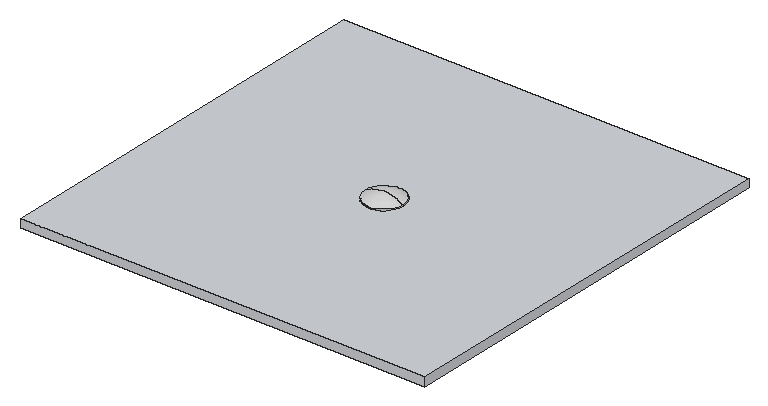
Revit family "Speaker-Ceiling-TOA-F-2352 QA2", category Communication Devices, host Face, Revit 2013
Parameters (values of type "5"")
  Width = Grille Diameter  # 9.055"
  Weight Product = 8.16
  Voltage [instance] = 70 V
  URL = "http://www.toaelectronics.com"
  Type Comments = "F-2352C"
  Transformer Option = no
  Sensitivity = 90
  SPL Measurement Bandwidth = "70 to 20k Hz"
  Regulatory Compliance = "UL"
  Product Page URL = "http://www.toaelectronics.com/products/PA-Speakers/ceiling-speakers/f-series-ceiling-speakers/f-2352sc"
  Product Name = "F-2352C"
  Product Documentation Link = "http://www.toaelectronics.com/media/f2352sc_sa1e.pdf"
  Power Factor [instance] = 0.9
  Mounting Options = "Ceiling Reinforcement Ring, Tile Bridge, Trim Ring, Surface Back-Can & Safety Wire"  # constant formula
  Model = Product Name  # "F-2352C"
  Maximum Ceiling Thickness = 1.457"  # constant formula
  Manufacturer URL = "http://www.toaelectronics.com"
  Long Term Power Handling = "120 W"
  Length 4 = 0.250"
  Length 3 = 0.050"
  Length 2 = 2.000"
  Length 1 = Grille Radius - 0.11811"  # 4.40939"
  IQ Category = "Speaker"
  Highlight Material = Paint - TOA - White
  Height = 9.016"
  Grille Radius = Grille Diameter / 2  # 4.5275"
  Operating Weight = 8.16 lbf
  Offset = 0.000"
  Number of Poles [instance] = 2
  Manufacturer = "TOA Electronics Inc."
  Load Classification = Other
  Grille Material = Mesh - TOA - White
  Grille Diameter = 9.055"
  Grille Height = 1.614"
  Description = "FULL-RANGE CEILING SPEAKER (5”)"
  Default Elevation = 48.000"
  Coverage Vertical = 170.00°
  Coverage Horizontal = 170.00°
  Clip Width = 0.300"
  Clip Length = 0.500"
  Body Radius = Body Diameter / 2  # 3.8385"
  Enclosure Material = Metal - TOA - Steel Plate
  Body Diameter = 7.677"
  Assembly Code = "E1020300"
  Apparent Load [instance] = 120 VA
  70V Taps = "30W, 15W, 5W, 1.5W & 0.5W"
  25V Taps = "3.7W, 1.9W, 0.6W, 0.2W & 0.06W"
  100V Taps = "30W, 10W, 3W & 1W"
Reference planes (in)
  plane 1 "Center (Front/Back)": y = 0
  plane 2: z = 0
  plane 3 "Center (Left/Right)": x = 0
  plane 4 "Left": x = -4.5275
  plane 5 "Right": x = 4.5275
  plane 6 "Front": y = -4.5275
  plane 7 "Back": y = 4.5275
  plane 8 "Bottom": z = 1.614
  plane 9 "body left": x = -3.8385
  plane 10 "body right": x = 3.8385
  plane 11 "body front": y = -3.8385
  plane 12 "body back": y = 3.8385
  plane 13 "plate top": z = 0
  plane 14 "body top": z = -7.152
  plane 15 "Speaker CL": x = 0
  plane 16 "support front inside": y = -5.395
  plane 17: x = 0
  plane 18: z = -0.7874
  plane 19 "2d bottom": z = 1.2203
  plane 20 "Top": z = -7.402
Forms (in)
  Extrusion 1, solid
    sketch origin (0, 0, 0) x (1, 0, 0) y (0, 1, 0)
      loop
        line (-48, 48) -> (-48, -48) -> (48, -48) -> (48, 48) -> (-48, 48)
    from 0 to -2
  Extrusion 2, void
    sketch origin (0, 0, -2) x (0, 1, 0) y (-1, 0, 0)
      loop
        circle (0, 0) r 3.8385
    from -6.202 to 3.614
  Revolve 3, solid, material "Paint - TOA - White" <- "Highlight Material"
    sketch origin (0, 0, 0) x (1, 0, 0) y (0, 0, 1)
      loop
        arc (0, 1.614) -> (-2.32829, 1.21024) -> (-4.48588, 0.24651) r 9.53844
        line (-4.48588, 0.24651) -> (-4.5275, 0) -> (0, 0) -> (0, 1.614)
      axis (0, 1.614) -> (0, 0)
    angle from 0 to 360
  Extrusion 4, solid, material "Metal - TOA - Steel Plate" <- "Enclosure Material"
    sketch origin (0, 0, 0) x (1, 0, 0) y (0, 1, 0)
      loop
        line (-2.91086, 0.61145) -> (-2.91086, -0.61145)
        arc (-2.91086, -0.61145) -> (-1.61086, -2.86311) -> (0.98914, -2.86311) r 2.6
        line (0.98914, -2.86311) -> (2.0482, -2.25167)
        arc (2.0482, -2.25167) -> (3.3482, 0) -> (2.0482, 2.25167) r 2.6
        line (2.0482, 2.25167) -> (0.98914, 2.86311)
        arc (0.98914, 2.86311) -> (-1.61086, 2.86311) -> (-2.91086, 0.61145) r 2.6
    from -7.152 to 0
  Extrusion 5, solid, material "Metal - TOA - Steel Plate" <- "Enclosure Material", detail levels medium+fine
    sketch origin (0, 0, 0) x (1, 0, 0) y (0, 1, 0)
      loop
        circle (0, 0) r 3.8385
    from 0 to -0.7874
  Sweep 6, void
    path in 3D
      loop
        arc (-2.91086, 0.61145, -7.152) -> (-1.61086, 2.86311, -7.152) -> (0.98914, 2.86311, -7.152) r 2.6
        line (0.98914, 2.86311, -7.152) -> (2.0482, 2.25167, -7.152)
        arc (2.0482, 2.25167, -7.152) -> (3.3482, 0, -7.152) -> (2.0482, -2.25167, -7.152) r 2.6
        line (2.0482, -2.25167, -7.152) -> (0.98914, -2.86311, -7.152)
        arc (0.98914, -2.86311, -7.152) -> (-1.61086, -2.86311, -7.152) -> (-2.91086, -0.61145, -7.152) r 2.6
        line (-2.91086, -0.61145, -7.152) -> (-2.91086, 0.61145, -7.152)
    profile origin (-2.91086, 0, -7.152) x (1, 0, 0) y (0, 0, -1)
      loop
        line (0, 0) -> (0, -0.5)
        arc (0, -0.5) -> (0.14645, -0.14645) -> (0.5, 0) r 0.5
        line (0.5, 0) -> (0, 0)
  Extrusion 7, solid, material "Metal - TOA - Steel Plate" <- "Enclosure Material", detail levels fine
    sketch origin (0, 0, -7.152) x (0.5, 0.866025, 0) y (0, 0, 1)
      loop
        line (1.95, 0) -> (1.95, -0.15)
        arc (1.95, -0.15) -> (1.93536, -0.18536) -> (1.9, -0.2) r 0.05
        line (1.9, -0.2) -> (1.7, -0.2) -> (1.7, -0.25) -> (1.9, -0.25)
        arc (1.9, -0.25) -> (1.97071, -0.22071) -> (2, -0.15) r 0.1
        line (2, -0.15) -> (2, 0) -> (1.95, 0)
    from -0.25 to 0.25
Cuts and joins
  Sweep 6 cuts Extrusion 4
Lines and regions (in)
  Masking region 1, detail levels medium+fine
    outline origin (0, 0, 1.514) x (-1, 0, 0) y (0, -1, 0)
      loop
        circle (0, 0) r 4.5275
  Masking region 2
    outline origin (0, 0, -7.152) x (-1, 0, 0) y (0, -1, 0)
      loop
        circle (0, 0) r 3.8385
  Masking region 3
    outline origin (0, 0, 0) x (1, 0, 0) y (0, 0, 1)
      loop
        line (-2.91086, 0) -> (-2.91086, -6.56145)
        arc (-2.91086, -6.56145) -> (-2.73789, -6.97903) -> (-2.32031, -7.152) r 0.59055
        line (-2.32031, -7.152) -> (2.66114, -7.152)
        arc (2.66114, -7.152) -> (3.07872, -6.97903) -> (3.25169, -6.56145) r 0.59055
        line (3.25169, -6.56145) -> (3.25169, 0) -> (4.5275, 0) -> (4.48588, 0.24651)
        arc (4.48588, 0.24651) -> (0, 1.65776) -> (-4.48588, 0.24651) r 7.83519
        line (-4.48588, 0.24651) -> (-4.5275, 0) -> (-2.91086, 0)
  Masking region 4
    outline origin (0, 0, 0) x (0, 1, 0) y (0, 0, 1)
      loop
        line (3.11559, 0) -> (4.5275, 0) -> (4.48588, 0.24651)
        arc (4.48588, 0.24651) -> (0, 1.65776) -> (-4.48588, 0.24651) r 7.83519
        line (-4.48588, 0.24651) -> (-4.5275, 0) -> (-3.12582, 0) -> (-3.12582, -6.56145)
        arc (-3.12582, -6.56145) -> (-2.95285, -6.97903) -> (-2.53527, -7.152) r 0.59055
        line (-2.53527, -7.152) -> (2.52503, -7.152)
        arc (2.52503, -7.152) -> (2.94262, -6.97903) -> (3.11559, -6.56145) r 0.59055
        line (3.11559, -6.56145) -> (3.11559, 0)
  Masking region 5, detail levels medium+fine
    outline origin (0, 0, 0) x (1, 0, 0) y (0, 0, 1)
      loop
        line (-3.8385, 0) -> (-3.8385, -0.7874) -> (3.8385, -0.7874) -> (3.8385, 0) -> (-3.8385, 0)
  Masking region 6, detail levels medium+fine
    outline origin (0, 0, 0) x (0, 1, 0) y (0, 0, 1)
      loop
        line (3.8385, 0) -> (-3.8385, 0) -> (-3.8385, -0.7874) -> (3.8385, -0.7874) -> (3.8385, 0)
  Masking region 7, detail levels medium+fine
    outline origin (0, 0, 1.2203) x (0, -1, 0) y (1, 0, 0)
      loop
        circle (0, 0) r 4.5275
  Masking region 8, detail levels fine
    outline origin (0, 0, 0) x (1, 0, 0) y (0, 0, 1)
      loop
        line (0.75849, -7.152) -> (0.75849, -7.352) -> (0.63349, -7.352) -> (0.63349, -7.402) -> (1.21651, -7.402) -> (1.21651, -7.152) -> (0.75849, -7.152)
  Masking region 9, detail levels fine
    outline origin (0, 0, 0) x (0, 1, 0) y (0, 0, 1)
      loop
        line (1.85705, -7.152) -> (1.56375, -7.152) -> (1.56375, -7.352) -> (1.34724, -7.352) -> (1.34724, -7.402) -> (1.85705, -7.402) -> (1.85705, -7.152)
  symbolic lines
    curve 1: line (-2.91086, 0, 0) -> (3.25169, 0, 0)
    curve 2: line (0, 3.11559, 0) -> (0, -3.12582, 0)
    curve 4: line (0, 1.27467, -7.152) -> (0, -1.47533, -7.152)
    curve 11: line (2.0482, 2.25167, -7.152) -> (0.98914, 2.86311, -7.152)
    curve 12: arc (0.98914, 2.86311, -7.152) -> (-1.61086, 2.86311, -7.152) -> (-2.91086, 0.61145, -7.152) r 2.6
    curve 13: line (-2.91086, 0.61145, -7.152) -> (-2.91086, -0.61145, -7.152)
    curve 14: arc (-2.91086, -0.61145, -7.152) -> (-1.61086, -2.86311, -7.152) -> (0.98914, -2.86311, -7.152) r 2.6
    curve 15: line (0.98914, -2.86311, -7.152) -> (2.0482, -2.25167, -7.152)
    curve 16: arc (2.0482, -2.25167, -7.152) -> (3.3482, 0, -7.152) -> (2.0482, 2.25167, -7.152) r 2.6
    curve 17: line (-4.48588, 0, 0.24651) -> (4.48588, 0, 0.24651)
    curve 18: line (0, 4.48588, 0.24651) -> (0, -4.48588, 0.24651)
  symbolic lines, detail levels medium+fine
    curve 3: circle (0, 0, 1.614) r 4.40939 normal (0, 0, 1)
  sketch lines
    curve 5: line (-2.91086, -0.61145, -7.152) -> (-2.91086, 0.61145, -7.152)
    curve 6: arc (-2.91086, -0.61145, -7.152) -> (-1.61086, -2.86311, -7.152) -> (0.98914, -2.86311, -7.152) r 2.6
    curve 7: line (2.0482, -2.25167, -7.152) -> (0.98914, -2.86311, -7.152)
    curve 8: arc (2.0482, -2.25167, -7.152) -> (3.3482, 0, -7.152) -> (2.0482, 2.25167, -7.152) r 2.6
    curve 9: line (0.98914, 2.86311, -7.152) -> (2.0482, 2.25167, -7.152)
    curve 10: arc (0.98914, 2.86311, -7.152) -> (-1.61086, 2.86311, -7.152) -> (-2.91086, 0.61145, -7.152) r 2.6
  reference lines, not visible
    curve 19: line (0, 0, -7.152) -> (1, 1.73205, -7.152)
  symbolic lines, detail levels fine
    curve 20: line (1.06651, 0, -7.352) -> (1.06651, 0, -7.402)
    curve 21: line (0.75849, 0, -7.352) -> (1.16651, 0, -7.352)
    curve 22: line (0, 1.80705, -7.152) -> (0, 1.80705, -7.352)
    curve 23: line (0, 1.80705, -7.352) -> (0, 1.56375, -7.352)
    curve 24: line (0, 1.59724, -7.352) -> (0, 1.59724, -7.402)
    curve 25: line (1.16651, 0, -7.352) -> (1.16651, 0, -7.152)
    curve 26: line (0.78349, 1.85705, -7.152) -> (0.63349, 1.59724, -7.152)
    curve 27: line (1.21651, 1.60705, -7.152) -> (0.78349, 1.85705, -7.152)
    curve 28: line (1.06651, 1.34724, -7.152) -> (1.21651, 1.60705, -7.152)
    curve 29: line (0.63349, 1.59724, -7.152) -> (1.06651, 1.34724, -7.152)
Dimensions and locks (in)
  equal spacing: plane 4 "Left", plane 15 "Speaker CL", plane 5 "Right"
  "Width": plane 4 "Left" to plane 5 "Right"
  equal spacing: plane 7 "Back", plane 1 "Center (Front/Back)", plane 6 "Front"
  "Width": plane 7 "Back" to plane 6 "Front"
  equal spacing: plane 9 "body left", plane 15 "Speaker CL", plane 10 "body right"
  "Body Diameter": plane 9 "body left" to plane 10 "body right"
  equal spacing: plane 12 "body back", plane 1 "Center (Front/Back)", plane 11 "body front"
  "Body Diameter": plane 12 "body back" to plane 11 "body front"
  "Grille Height": plane 8 "Bottom" to plane 13 "plate top"
  "Offset": plane 13 "plate top" to level
  locked: level to plane 18 at 0.7874
  locked: plane 8 "Bottom" to plane 19 "2d bottom" at 0.3937
  locked: Revolve 3 sketch curve to Revolve 3 sketch curve at 0.25
  locked: Masking region 3 sketch curve to Masking region 3 sketch curve at 0.25  (x2)
  locked: Masking region 4 sketch curve to Masking region 4 sketch curve at 0.25  (x2)
  locked: plane 14 "body top" to plane 20 "Top" at 0.25
  "Height": plane 8 "Bottom" to plane 20 "Top"
  "Length 2": curve 19 to curve 19
  "Length 3": Extrusion 7 sketch curve to Extrusion 7 sketch curve  (x2)
  "Clip Width": Extrusion 7 sketch curve to Extrusion 7 sketch curve
  "Length 4": Extrusion 7 sketch curve to curve 19
  "Length 3": Masking region 9 to curve 22
  "Length 3": Masking region 8 to curve 25
  "Body Radius": radius of Extrusion 2 sketch curve
  "Grille Radius": radius of Masking region 1 sketch curve
  "Body Radius": radius of Masking region 2 sketch curve
  "Body Radius": radius of Extrusion 5 sketch curve
  radius of Masking region 4 sketch curve = 0.59055"  (x2)
  "Grille Radius": radius of Masking region 7 sketch curve
  "Length 1": radius of curve 3
  radius of Extrusion 4 sketch curve = 2.600"  (x3)
  radius of Revolve 3 sketch curve = 9.53844"
  locked: Extrusion 4 sketch curve to plane 1 "Center (Front/Back)" (angle 30.00°)
  locked: plane 1 "Center (Front/Back)" to Extrusion 4 sketch curve (angle 30.00°)
  locked: plane 1 "Center (Front/Back)" to curve 19 (angle 60.00°)
  aligned and locked: plane 2 to Extrusion 1
  aligned and locked: level to Extrusion 1
  aligned and locked: plane 15 "Speaker CL" to Extrusion 2 sketch curve
  aligned and locked: plane 1 "Center (Front/Back)" to Extrusion 2 sketch curve
  aligned and locked: plane 8 "Bottom" to Extrusion 2
  aligned and locked: Revolve 3 sketch curve to plane 15 "Speaker CL"
  aligned and locked: plane 13 "plate top" to Revolve 3 sketch curve
  aligned and locked: Revolve 3 sketch curve to Revolve 3 sketch curve
  aligned and locked: plane 4 "Left" to Revolve 3 sketch curve
  aligned and locked: plane 15 "Speaker CL" to plane 17
  aligned and locked: plane 15 "Speaker CL" to Masking region 1 sketch curve
  aligned and locked: plane 1 "Center (Front/Back)" to Masking region 1 sketch curve
  aligned and locked: plane 15 "Speaker CL" to Masking region 2 sketch curve
  aligned and locked: plane 1 "Center (Front/Back)" to Masking region 2 sketch curve
  aligned and locked: plane 13 "plate top" to Masking region 3 sketch curve
  aligned and locked: Masking region 3 sketch curve to plane 13 "plate top"
  aligned and locked: Masking region 3 sketch curve to plane 14 "body top"
  aligned and locked: plane 13 "plate top" to Masking region 4 sketch curve
  aligned and locked: Masking region 4 sketch curve to plane 13 "plate top"
  aligned and locked: plane 6 "Front" to Masking region 4 sketch curve
  aligned and locked: plane 7 "Back" to Masking region 4 sketch curve
  aligned and locked: plane 3 "Center (Left/Right)" to nested 1
  aligned and locked: Extrusion 4 to plane 14 "body top"
  aligned and locked: plane 13 "plate top" to Extrusion 4
  aligned and locked: plane 15 "Speaker CL" to Extrusion 5 sketch curve
  aligned and locked: plane 1 "Center (Front/Back)" to Extrusion 5 sketch curve
  aligned and locked: Extrusion 5 to level
  aligned and locked: Extrusion 5 to plane 18
  aligned and locked: plane 4 "Left" to Masking region 3 sketch curve
  aligned and locked: plane 5 "Right" to Masking region 3 sketch curve
  aligned and locked: plane 18 to Masking region 5 sketch curve
  aligned and locked: Masking region 5 sketch curve to plane 13 "plate top"
  aligned and locked: plane 9 "body left" to Masking region 5 sketch curve
  aligned and locked: Masking region 5 sketch curve to plane 10 "body right"
  aligned and locked: Masking region 4 sketch curve to plane 14 "body top"
  aligned and locked: Masking region 6 sketch curve to plane 12 "body back"
  aligned and locked: plane 11 "body front" to Masking region 6 sketch curve
  aligned and locked: Masking region 6 sketch curve to plane 13 "plate top"
  aligned and locked: plane 18 to Masking region 6 sketch curve
  aligned and locked: plane 17 to Masking region 7 sketch curve
  aligned and locked: plane 1 "Center (Front/Back)" to Masking region 7 sketch curve
  aligned and locked: plane 17 to curve 3
  aligned and locked: plane 1 "Center (Front/Back)" to curve 3
  aligned and locked: plane 3 "Center (Left/Right)" to plane 15 "Speaker CL"
  aligned and locked: plane 3 "Center (Left/Right)" to plane 17
  aligned and locked: curve 12 to cut or joined group of Extrusion 4, Sweep 6
  aligned and locked: curve 14 to cut or joined group of Extrusion 4, Sweep 6
  aligned and locked: curve 16 to cut or joined group of Extrusion 4, Sweep 6
  aligned and locked: plane 3 "Center (Left/Right)" to curve 19
  aligned and locked: plane 1 "Center (Front/Back)" to curve 19
  aligned and locked: Extrusion 7 sketch curve to curve 19
  aligned and locked: Masking region 8 sketch curve to Extrusion 7  (x2)
  aligned and locked: Extrusion 7 to Masking region 8 sketch curve  (x2)
  aligned and locked: plane 20 "Top" to Masking region 8 sketch curve
  aligned and locked: Masking region 8 sketch curve to plane 14 "body top"
  aligned and locked: curve 20 to Extrusion 7
  aligned and locked: plane 20 "Top" to curve 20
  aligned and locked: Masking region 8 to curve 21
  aligned and locked: curve 21 to Masking region 8
  aligned and locked: Masking region 9 sketch curve to plane 14 "body top"
  aligned and locked: Masking region 9 sketch curve to Extrusion 7  (x4)
  aligned and locked: Masking region 9 sketch curve to plane 20 "Top"
  aligned and locked: curve 23 to Masking region 9
  aligned and locked: Masking region 9 to curve 23
  aligned and locked: Masking region 9 to curve 22
  aligned and locked: curve 26 to Extrusion 7
  aligned and locked: curve 27 to Extrusion 7
  aligned and locked: curve 28 to Extrusion 7
  aligned and locked: curve 29 to Extrusion 7
Automatic sketch dimensions
  Extrusion 1 sketch curve to Extrusion 1 sketch curve = 96.000"  (x2)
  plane 11 "body front" to Extrusion 4 sketch curve = 0.97539"
  plane 1 "Center (Front/Back)" to Extrusion 4 sketch curve = 0.000"
  Extrusion 4 sketch curve to plane 12 "body back" = 0.97539"
  plane 11 "body front" to Extrusion 4 sketch curve = 1.58683"
  Extrusion 4 sketch curve to plane 12 "body back" = 1.58683"
  Extrusion 4 sketch curve to plane 3 "Center (Left/Right)" = 0.31086"
  plane 3 "Center (Left/Right)" to Extrusion 4 sketch curve = 0.7482"
  Sweep 6 sketch curve to profile plane = 0.000"
  profile plane to Sweep 6 sketch curve = 0.000"
  Sweep 6 sketch curve to profile plane = 0.500"
  curve 15 to plane 10 "body right" = 1.7903"
  curve 11 to plane 12 "body back" = 0.97539"
  plane 3 "Center (Left/Right)" to curve 15 = 0.98914"
  curve 12 to curve 11 = 0.61145"
  Revolve 3 sketch curve to plane 8 "Bottom" = 0.000"
  plane 4 "Left" to Revolve 3 sketch curve = 0.04162"
  Revolve 3 sketch curve to plane 14 "body top" = 23.1349"
  plane 8 "Bottom" to Revolve 3 sketch curve = 4.13199"
  plane 9 "body left" to Masking region 3 sketch curve = 0.92764"
  Masking region 3 sketch curve to plane 3 "Center (Left/Right)" = 0.000"
  Masking region 3 sketch curve to Masking region 3 sketch curve = 0.59055"
  Masking region 3 sketch curve to plane 5 "Right" = 0.04162"
  plane 11 "body front" to Masking region 4 sketch curve = 0.71268"
  Masking region 4 sketch curve to plane 1 "Center (Front/Back)" = 0.000"
  Masking region 4 sketch curve to plane 12 "body back" = 1.31347"
  Masking region 4 sketch curve to plane 7 "Back" = 0.04162"
  Masking region 3 sketch curve to plane 10 "body right" = 0.58681"
  Masking region 3 sketch curve to plane 10 "body right" = 1.17736"
  plane 14 "body top" to Masking region 3 sketch curve = 0.97457"
  plane 14 "body top" to Masking region 4 sketch curve = 0.97457"
  curve 2 to level = 0.000"
  curve 4 to plane 14 "body top" = 0.000"
  curve 24 to plane 20 "Top" = 0.000"
  plane 6 "Front" to curve 18 = 0.04162"
  plane 11 "body front" to curve 2 = 0.71268"
  plane 1 "Center (Front/Back)" to curve 4 = 1.47533"
  curve 4 to curve 23 = 0.28908"
  curve 23 to curve 24 = 0.03349"
  curve 2 to plane 12 "body back" = 0.72291"
  curve 18 to plane 7 "Back" = 0.04162"
  level to curve 18 = 0.24651"
  curve 1 to level = 0.000"
  curve 25 to plane 14 "body top" = 0.000"
  plane 9 "body left" to curve 1 = 0.92764"
  plane 4 "Left" to curve 17 = 0.04162"
  curve 1 to plane 10 "body right" = 0.58681"
  curve 17 to plane 5 "Right" = 0.04162"
  level to curve 17 = 0.24651"
  Extrusion 7 sketch curve to Extrusion 7 sketch curve = 0.000"
  Extrusion 7 sketch curve to curve 19 = 0.150"
  curve 19 to Extrusion 7 sketch curve = 0.000"
Nested families (in)
  nested 1: "Speaker_Symbol_Face_Based" at (0, 0, 0), type "Speaker Symbol", detail levels coarse
    with Wall Mounted no, Symbol Y Offset 0.000", Symbol X Offset 0.000", Length 2 100.000", Length 1 100.000"
Connectors (in)
  electrical at (0, 0, -7.152), driven by "Number of Poles", driven by "Load Classification", driven by "Voltage", driven by "Apparent Load", driven by "Power Factor"
    settings: index 1, voltage 70 V, apparent load 120 VA, apparent load phase1 0 VA, apparent load phase2 0 VA, apparent load phase3 0 VA, power factor 0.9, load classification "Other", number of poles 2, system type 30, power factor state 1, is connector primary yes, connector utility no, sub classification motor no, connector description "Power"
Definition of nested family "Speaker_Symbol_Face_Based"
  Parameters (values of type "Speaker Symbol")
    Wall Mounted [instance] = no
    Symbol Y Offset [instance] = 0.000"
    Symbol X Offset [instance] = 0.000"
    Length 2 [instance] = 100.000" + Symbol Y Offset  # 100.000"
    Length 1 [instance] = Symbol X Offset + 100.000"  # 100.000"
    Default Elevation = 48.000"
  Reference planes (in)
    plane 1 "Center (Front/Back)": y = 0
    plane 2: z = 0
    plane 3 "Center (Left/Right)": x = 0
    plane 4 "pivot x": x = -100
    plane 5 "symbol x cl": x = 0
    plane 6 "pivot y": y = -100
    plane 7 "symbol y cl": y = 0
  Forms (in)
    Extrusion 1, solid
      sketch origin (0, 0, 0) x (1, 0, 0) y (0, 1, 0)
        loop
          line (-48, 48) -> (-48, -48) -> (48, -48) -> (48, 48) -> (-48, 48)
      from 0 to -12
  Dimensions and locks (in)
    locked: plane 4 "pivot x" to plane 3 "Center (Left/Right)" at 100
    "Length 1": plane 4 "pivot x" to plane 5 "symbol x cl"
    locked: plane 1 "Center (Front/Back)" to plane 6 "pivot y" at 100
    "Length 2": plane 7 "symbol y cl" to plane 6 "pivot y"
    aligned and locked: plane 2 to Extrusion 1
    aligned and locked: level to Extrusion 1
    aligned and locked: plane 5 "symbol x cl" to nested 1
    aligned and locked: nested 1 to plane 7 "symbol y cl"
  Automatic sketch dimensions
    Extrusion 1 sketch curve to Extrusion 1 sketch curve = 96.000"  (x2)
  Nested families (in)
    nested 1: "Speaker_Symbol" at (0, 0, 0), Wall Mounted <- "Wall Mounted", type "S"
      with Wall Mounted no, Not Wall Mounted yes, Length 1 0.000"
  Definition of nested family "Speaker_Symbol"
    Parameters (values of type "S")
      Wall Mounted [instance] = yes
      Symbol Text = "SP"
      Symbol Radius = 0.1875"
      Not Wall Mounted [instance] = not(Wall Mounted)  # no
      Length 1 [instance] = if(Wall Mounted, 0.250", 0.000")  # 0.250"
    Reference planes (in)
      plane 1: y = 0
      plane 2: x = 0
    Lines and regions (in)
      Masking region 1
        outline origin (0, 0, 0) x (1, 0, 0) y (0, 1, 0)
          loop
            circle (0, 0.25) r 0.1875
      detail lines, visible <- "Wall Mounted"
        curve 1: line (-0.125, 0, 0) -> (0.125, 0, 0)
        curve 2: line (0, 0, 0) -> (0, 0.0625, 0)
    Text (in)
      label "S" at (0.00112, 0.31502, 0), shows "Symbol Text", visible <- "Wall Mounted"
      label "S" at (0.00112, 0.07558, 0), shows "Symbol Text", visible <- "Not Wall Mounted"
    Dimensions and locks (in)
      "Length 1": plane 1 to Masking region 1 sketch curve
      "Symbol Radius": radius of Masking region 1 sketch curve
      aligned and locked: plane 2 to Masking region 1 sketch curve
      aligned and locked: curve 1 to curve 2
      aligned and locked: curve 2 to plane 2
      aligned and locked: plane 1 to curve 1
    Automatic sketch dimensions
      curve 1 to plane 2 = 0.125"
      plane 2 to curve 1 = 0.125"
      curve 2 to curve 2 = 0.0625"
